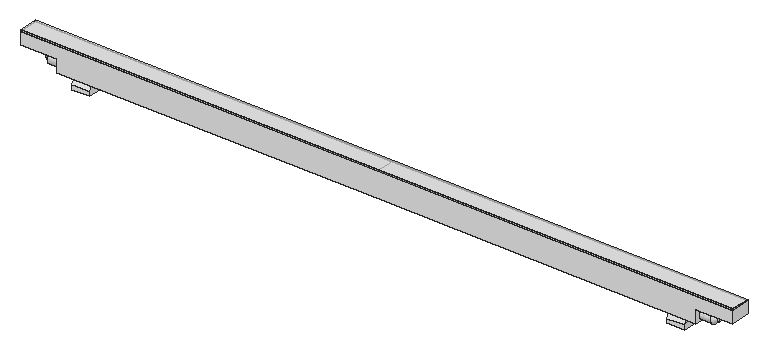
Revit family "Lighting-Linear-Acclaim-AL Graze DC DMX", category Lighting Fixtures, host Face, Revit 2014
Parameters
  Wattage = 9.2903 W
  built-in parameter 1150110 = 1 (stored number, unit not read)
  Voltage = 0 V
  URL = "http://www.acclaimlighting.com/"
  built-in parameter 1114217 = 1 (stored number, unit not read)
  Tilt Angle = -90.00°
  built-in parameter 1150109 = 1 (stored number, unit not read)
  built-in parameter 1150134 = 3
  built-in parameter 1150113 = 1 (stored number, unit not read)
  Power Factor = 1
  Photometric Web File = "generic"
  Number of Poles = 1
  built-in parameter 1150142 = (empty or 0)
  Model = "AL Graze DC DMX"
  Manufacturer = "Acclaim Lighting"
  built-in parameter 1150105 = 109.82 (stored number, unit not read)
  Lumens = 1380 lm
  built-in parameter 1150115 = 1 (stored number, unit not read)
  built-in parameter 1150137 = (empty or 0)
  built-in parameter 1150139 = (empty or 0)
  Length = 4' - 0"
  built-in parameter 1150112 = 1 (stored number, unit not read)
  built-in parameter 1150114 = 1 (stored number, unit not read)
  Lamp = "LED"
  built-in parameter 1150132 = (empty or 0)
  built-in parameter 1150102 = (empty or 0)
  built-in parameter 1150107 = 3200 (stored number, unit not read)
  built-in parameter 1150138 = (empty or 0)
  built-in parameter 1150106 = 1.0982 (stored number, unit not read)
  Housing Finish = Aluminum
  Emit from Line Length = Length  # 4' - 0"
  built-in parameter 1150104 = 13.8 (stored number, unit not read)
  Dimming Lamp Color Temperature Shift = <None>
  Description = "Graze"
  Default Elevation = 4' - 0"
  Color Filter = 16777215
  built-in parameter 1114218 = 1 (stored number, unit not read)
  built-in parameter 1150133 = 10 (stored number, unit not read)
  Apparent Load = 0 VA
Reference planes (in)
  plane 1 "Center (Front/Back)": y = 0
  plane 2: z = 0
  plane 3 "Center (Left/Right)": x = 0
  plane 4: x = -24
  plane 5: x = 24
Forms (in)
  Extrusion 1, solid, material "Aluminum" <- "Housing Finish"
    sketch origin (2.24078, -5.67828, 0) x (-1, 0, 0) y (0, 0, 1)
      loop
        line (26.24078, 2.37616) -> (2.24078, 2.37616) -> (-21.75922, 2.37616) -> (-21.75922, 1.5961) -> (-19.31859, 1.5961) -> (-19.31859, 0.76342) -> (2.24078, 0.76342) -> (23.80014, 0.76342) -> (23.80014, 1.5961) -> (26.24078, 1.5961) -> (26.24078, 2.37616)
    from 5.01508 to 6.36029
  Revolve 2, solid, material "Aluminum"
    sketch origin (0, 0, 0.01953) x (1, 0, 0) y (0, 0, 1)
      loop
        line (-22.65412, 1.16623) -> (-21.55937, 1.16623) -> (-21.55937, 1.5961) -> (-22.36566, 1.5961) -> (-22.65412, 1.36251) -> (-22.65412, 1.16623)
      axis (-22.65412, 1.16623) -> (-21.55937, 1.16623)
    angle from 0 to 360
  Revolve 3, solid, material "Aluminum"
    sketch origin (0, 0, 0.01562) x (-1, 0, 0) y (0, 0, 1)
      loop
        line (-22.65412, 1.16623) -> (-21.55937, 1.16623) -> (-21.55937, 1.5961) -> (-22.36566, 1.5961) -> (-22.65412, 1.36251) -> (-22.65412, 1.16623)
      axis (-22.65412, 1.16623) -> (-21.55937, 1.16623)
    angle from 0 to 360
  Extrusion 4, solid, material "Glass, Frosted"
    sketch origin (0, 0, 0) x (0, 1, 0) y (0, 0, 1)
      loop
        line (0.68201, 2.37616) -> (0.68201, 2.4727) -> (-0.6632, 2.4727) -> (-0.6632, 2.37616) -> (0.68201, 2.37616)
    from -24 to 24
  Extrusion 5, solid, material "Aluminum" <- "Housing Finish"
    sketch origin (0, 0, 0) x (0, 1, 0) y (0, 0, 1)
      loop
        line (-0.22809, 0.76342) -> (-0.49891, 0.2541) -> (-0.49891, 0) -> (1.36093, 0) -> (1.36093, 0.25) -> (0.41046, 0.25) -> (0.29887, 0.36159) -> (0.29887, 0.76342) -> (-0.22809, 0.76342)
    from 19.45614 to 20.63157
  Extrusion 6, solid, material "Aluminum" <- "Housing Finish"
    sketch origin (0, 0, 0) x (0, 1, 0) y (0, 0, -1)
      loop
        line (-0.22809, -0.76342) -> (0.29887, -0.76342) -> (0.29887, -0.36159) -> (0.41046, -0.25) -> (1.36093, -0.25) -> (1.36093, 0) -> (-0.49891, 0) -> (-0.49891, -0.2541) -> (-0.22809, -0.76342)
    from 19.45614 to 20.63157
Dimensions and locks (in)
  equal spacing: plane 4, plane 3 "Center (Left/Right)", plane 5
  plane 4 to plane 5 = 4' - 0"
  equal spacing: plane 5, plane 3 "Center (Left/Right)", plane 4
  "Length": plane 5 to plane 4
  Revolve 2 sketch curve to Revolve 2 sketch curve to Revolve 2 sketch curve to plane 4 = 0' - 0.80629" locked, 0' - 0.28846" locked, 0' - 1.34588" locked
  locked: Extrusion 1 sketch curve to plane 4 at 2.44063
  plane 5 to Revolve 3 sketch curve to Revolve 3 sketch curve to Revolve 3 sketch curve = 0' - 1.34588" locked, 0' - 0.28846" locked, 0' - 0.80629" locked
  locked: Extrusion 1 sketch curve to Extrusion 1 sketch curve at 2.44063
  host face to Extrusion 5 sketch curve to Extrusion 5 sketch curve = 0' - 0 1/4" locked, 0' - 0.51342" locked
  Extrusion 5 to Extrusion 5 to Extrusion 4 = 0' - 1.17544" locked, 0' - 3.36843" locked
  locked: Extrusion 6 sketch curve to Extrusion 6 sketch curve at 0.51342
  locked: Extrusion 6 to Extrusion 6 at 1.17544
  locked: Extrusion 4 to Extrusion 6 at 3.36843
  aligned and locked: plane 2 to host face
  aligned and locked: level to host face
  aligned and locked: Extrusion 1 sketch curve to plane 4
  aligned and locked: Extrusion 1 sketch curve to plane 5
  aligned and locked: Extrusion 4 to Extrusion 1  (x2)
  aligned and locked: Extrusion 1 to Extrusion 4
  aligned and locked: Extrusion 4 to imposter light
Automatic sketch dimensions
  host sketch curve to host sketch curve = 8' - 0"  (x2)
  Extrusion 1 sketch curve to plane 3 "Center (Left/Right)" = 0' - 0"  (x2)
  level to Extrusion 1 sketch curve = 0' - 0.76342"
  Extrusion 1 sketch curve to Extrusion 1 sketch curve = 0' - 0.83267"  (x2)
  Extrusion 1 sketch curve to Extrusion 1 sketch curve = 0' - 1.61273"
  level to Revolve 2 sketch curve = 0' - 1.18576"
  Revolve 2 sketch curve to Revolve 2 sketch curve = 0' - 0.19628"
  Revolve 2 sketch curve to Revolve 2 sketch curve = 0' - 0.42987"
  Revolve 2 sketch curve to Revolve 2 sketch curve = 0' - 0"  (x2)
  Revolve 2 sketch curve to Revolve 2 sketch curve = 0' - 0.50534"
  Revolve 3 sketch curve to level = 0' - 1.18185"
  Revolve 3 sketch curve to Revolve 3 sketch curve = 0' - 0.19628"
  Revolve 3 sketch curve to Revolve 3 sketch curve = 0' - 0.42987"
  Revolve 3 sketch curve to Revolve 3 sketch curve = 0' - 0"  (x2)
  Revolve 3 sketch curve to Revolve 3 sketch curve = 0' - 0.50534"
  plane 1 "Center (Front/Back)" to Extrusion 4 sketch curve = 0' - 0.6632"
  Extrusion 4 sketch curve to plane 1 "Center (Front/Back)" = 0' - 0.68201"
  level to Extrusion 4 sketch curve = 0' - 2.37616"
  Extrusion 4 sketch curve to Extrusion 4 sketch curve = 0' - 0.09655"
  Extrusion 5 sketch curve to level = 0' - 0"
  plane 1 "Center (Front/Back)" to Extrusion 5 sketch curve = 0' - 0.49891"
  plane 1 "Center (Front/Back)" to Extrusion 5 sketch curve = 0' - 0.22809"
  Extrusion 5 sketch curve to plane 1 "Center (Front/Back)" = 0' - 0.29887"
  Extrusion 5 sketch curve to Extrusion 5 sketch curve = 0' - 0.11159"  (x2)
  Extrusion 5 sketch curve to Extrusion 5 sketch curve = 0' - 0.95047"
  level to Extrusion 5 sketch curve = 0' - 0.2541"
  Extrusion 6 sketch curve to level = 0' - 0"
  plane 1 "Center (Front/Back)" to Extrusion 6 sketch curve = 0' - 0.49891"
  plane 1 "Center (Front/Back)" to Extrusion 6 sketch curve = 0' - 0.22809"
  Extrusion 6 sketch curve to plane 1 "Center (Front/Back)" = 0' - 0.29887"
  Extrusion 6 sketch curve to Extrusion 6 sketch curve = 0' - 0.11159"  (x2)
  level to Extrusion 6 sketch curve = 0' - 0 1/4"
  Extrusion 6 sketch curve to Extrusion 6 sketch curve = 0' - 0.95047"
  Extrusion 6 sketch curve to Extrusion 6 sketch curve = 0' - 0.2541"
